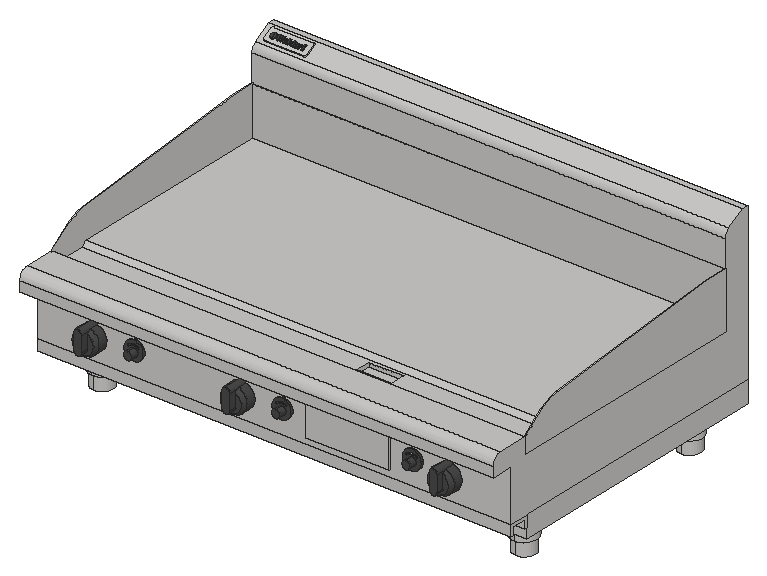
Revit family "QF_MOFFAT WALDORF_GP8120G-B", category Specialty Equipment, Revit 2012
Parameters
  Width [instance] = 47.24409"  # constant formula
  Weight in Pounds = 432.1055  # constant formula
  URL Cutsheet = "www.moffat.com"
  URL = "www.moffat.com"
  Type Mark [instance] = ""
  Status [instance] = ""
  Specification by User [instance] = ""
  Specification by Manufacturer = ""
  Show Logo [instance] = yes
  Serial Number = ""
  Seismic Rating = ""
  SMACNA No = ""
  Revision Code [instance] = ""
  Omniclass Number and Title = ""
  NAFEM Spec ID Number = ""
  Model = "GP8120G-B"
  Mechanical Remarks [instance] = ""
  Mechanical Connection Type [instance] = ""
  Masterspec = ""
  Manufacturer = "MOFFAT WALDORF"
  Item Number [instance] = ""
  Installed By [instance] = ""
  Identify Quantity as Lot [instance] = yes
  Height [instance] = 20.86614"  # constant formula
  Gas Size = 3/4"
  Gas RI Height [instance] = 0"
  Gas KW [instance] = 30
  Gas Input [instance] = 102364.0 Btu/h
  Gas Connection Height = 0"
  Furnished By [instance] = ""
  Foodservice Equipment Identifier [instance] = yes
  Description = "GRIDDLE PLATE GAS BENCH MOUNT"
  Depth [instance] = 31.69291"  # constant formula
  CSI MasterFormat = ""
  CSI Master Format = ""
  Base Height [instance] = 3.14961"
Reference planes (in)
  plane 1 "BACK": y = 0
  plane 2: z = 0
  plane 3 "LEFT": x = 0
  plane 4 "RIGHT": x = 47.24409
  plane 5 "FRONT": y = -31.69291
  plane 6 "TOP": z = 20.86614
  plane 7 "Center Y": x = 23.62205
  plane 8 "Center X": y = -15.84646
  plane 9 "Base Height": z = 3.14961
  plane 10: x = 2.55906
  plane 11: x = 44.64567
Forms (in)
  Extrusion 1, solid, material "QF_Finishes_Stainless Steel"
    sketch origin (0, 0, 0) x (0, 1, 0) y (0, 0, 1)
      loop
        line (-31.69291, 11.45669) -> (-31.69291, 10.47244) -> (-29.48819, 10.47244) -> (-29.48819, 5.31496) -> (0, 5.31496) -> (0, 20.86614) -> (-0.64961, 20.86614) -> (-2.31138, 19.90672)
        arc (-2.31138, 19.90672) -> (-2.63679, 19.5813) -> (-2.75591, 19.13677) r 0.88906
        line (-2.75591, 19.13677) -> (-2.75591, 10.82677) -> (-27.75591, 10.82677) -> (-27.75591, 12.40157) -> (-30.74803, 12.40157)
        arc (-30.74803, 12.40157) -> (-31.41616, 12.12483) -> (-31.69291, 11.45669) r 0.94488
      loop
        line (0, 3.14961) -> (0, 5.28371) -> (-27.51969, 5.28371) -> (-27.51969, 3.14961) -> (0, 3.14961)
      loop
        line (-29.48819, 5.28371) -> (-29.48819, 4.21334) -> (-29.23622, 4.21334) -> (-29.23622, 5.03174) -> (-27.81102, 5.03174) -> (-27.81102, 4.21334) -> (-27.55906, 4.21334) -> (-27.55906, 5.28371) -> (-29.48819, 5.28371)
    from 0 to 47.24409
  Revolve 2, solid, material "QF_Finishes_Stainless Steel"
    sketch origin (44.64567, -8.26772, 0) x (0, 1, 0) y (0, 0, -1)
      loop
        line (3.08071, -3.14961) -> (4.33071, -3.14961) -> (4.33071, 0) -> (3.24803, 0) -> (3.24803, -1.37795) -> (3.08071, -1.37795) -> (3.08071, -3.14961)
      axis (4.33071, -3.14961) -> (4.33071, 0)
    angle from 0 to 360
  Revolve 3, solid, material "QF_Finishes_Stainless Steel"
    sketch origin (2.55906, -8.26772, 0) x (0, 1, 0) y (0, 0, 1)
      loop
        line (3.08071, 3.14961) -> (3.08071, 1.37795) -> (3.24803, 1.37795) -> (3.24803, 0) -> (4.33071, 0) -> (4.33071, 3.14961) -> (3.08071, 3.14961)
      axis (4.33071, 3.14961) -> (4.33071, 0)
    angle from 0 to 360
  Extrusion 4, solid, material "QF_Finishes_Stainless Steel"
    sketch origin (27.75591, 0.11811, -19.68504) x (1, 0, 0) y (0, 1, 0)
      loop
        circle (14.33071, -1.37795) r 0.5315
    from 21.85039 to 22.83465
  Revolve 5, solid, material "QF_Finishes_Black"
    sketch origin (5.90551, 0, -0.00498) x (0, 1, 0) y (0, 0, -1)
      loop
        line (-30.7874, -9.03543) -> (-29.88189, -9.03543) -> (-29.88189, -7.95276) -> (-29.48819, -7.95276) -> (-29.48819, -7.75591) -> (-31.22047, -7.75591) -> (-31.22047, -8.80517) -> (-30.7874, -9.03543)
      axis (-31.22047, -7.75591) -> (-29.48819, -7.75591)
    angle from 0 to 360
  Extrusion 6, solid, material "QF_Finishes_Black"
    sketch origin (11.34919, 0, 0.00123) x (-1, 0, 0) y (0, 0, -1)
      loop
        arc (5.83735, -7.28223) -> (5.44365, -6.88853) -> (5.04995, -7.28223) r 0.3937
        line (5.04995, -7.28223) -> (5.04995, -8.81767)
        arc (5.04995, -8.81767) -> (5.44365, -9.21137) -> (5.83735, -8.81767) r 0.3937
        line (5.83735, -8.81767) -> (5.83735, -7.28223)
    from 29.88189 to 31.81102
  Revolve 7, solid, material "QF_Finishes_Stainless Steel"
    sketch origin (44.64567, -28.93701, 0) x (0, 1, 0) y (0, 0, -1)
      loop
        line (3.08071, -3.14961) -> (4.33071, -3.14961) -> (4.33071, 0) -> (3.24803, 0) -> (3.24803, -1.37795) -> (3.08071, -1.37795) -> (3.08071, -3.14961)
      axis (4.33071, -3.14961) -> (4.33071, 0)
    angle from 0 to 360
  Revolve 8, solid, material "QF_Finishes_Stainless Steel"
    sketch origin (2.55906, -28.93701, 0) x (0, 1, 0) y (0, 0, 1)
      loop
        line (3.08071, 3.14961) -> (3.08071, 1.37795) -> (3.24803, 1.37795) -> (3.24803, 0) -> (4.33071, 0) -> (4.33071, 3.14961) -> (3.08071, 3.14961)
      axis (4.33071, 3.14961) -> (4.33071, 0)
    angle from 0 to 360
  Extrusion 9, solid, material "QF_Finishes_Stainless Steel"
    sketch origin (1.68504, -29.48819, 10.47244) x (0, 0, -1) y (1, 0, 0)
      loop
        line (1.04331, 25.19685) -> (4.4685, 25.19685) -> (4.4685, 33.46457) -> (1.04331, 33.46457) -> (1.04331, 25.19685)
    from 0 to 0.09843
  Extrusion 10, solid, material "QF_Finishes_Stainless Steel"
    sketch origin (1.68504, -29.58661, 10.47244) x (0, 0, -1) y (1, 0, 0)
      loop
        line (1.3189, 33.46457) -> (1.04331, 33.46457) -> (1.04331, 25.19685) -> (1.3189, 25.19685) -> (1.3189, 33.46457)
    from 0 to 0.19685
  Extrusion 11, solid, material "QF_Finishes_Black"
    sketch origin (0, -29.48819, 10.47244) x (0, 0, -1) y (1, 0, 0)
      loop
        circle (2.70669, 9.74409) r 0.94488
      loop
        arc (2.31694, 10.33124) -> (2.00055, 9.749) -> (2.30836, 9.16218) r 0.70345
        arc (2.30836, 9.16218) -> (2.32725, 9.15095) -> (2.34753, 9.15943) r 0.02445
        arc (2.34753, 9.15943) -> (2.40409, 9.26016) -> (2.41764, 9.37489) r 0.29507
        arc (2.41764, 9.37489) -> (2.4096, 9.41142) -> (2.39196, 9.44439) r 0.1367
        arc (2.39196, 9.44439) -> (2.30175, 9.73823) -> (2.38559, 10.03395) r 0.54277
        arc (2.38559, 10.03395) -> (2.41079, 10.08392) -> (2.42122, 10.13891) r 0.20083
        arc (2.42122, 10.13891) -> (2.40663, 10.23806) -> (2.35565, 10.32436) r 0.26029
        arc (2.35565, 10.32436) -> (2.33749, 10.33451) -> (2.31694, 10.33124) r 0.03175
    from 0 to 0.19685
  Extrusion 12, solid, material "QF_Finishes_Black"
    sketch origin (0, -29.68504, 10.47244) x (0, 0, -1) y (1, 0, 0)
      loop
        circle (2.84449, 9.74409) r 0.3937
    from 0 to 0.71853
  Revolve 13, solid, material "QF_Finishes_Black"
    sketch origin (41.33858, 0, -0.00498) x (0, 1, 0) y (0, 0, 1)
      loop
        line (-30.7874, 9.03543) -> (-31.22047, 8.80517) -> (-31.22047, 7.75591) -> (-29.48819, 7.75591) -> (-29.48819, 7.95276) -> (-29.88189, 7.95276) -> (-29.88189, 9.03543) -> (-30.7874, 9.03543)
      axis (-31.22047, 7.75591) -> (-29.48819, 7.75591)
    angle from 0 to 360
  Extrusion 14, solid, material "QF_Finishes_Black"
    sketch origin (35.8949, 0, 0.00123) x (1, 0, 0) y (0, 0, 1)
      loop
        line (5.83735, 7.28223) -> (5.83735, 8.81767)
        arc (5.83735, 8.81767) -> (5.44365, 9.21137) -> (5.04995, 8.81767) r 0.3937
        line (5.04995, 8.81767) -> (5.04995, 7.28223)
        arc (5.04995, 7.28223) -> (5.44365, 6.88853) -> (5.83735, 7.28223) r 0.3937
    from 29.88189 to 31.81102
  Extrusion 15, solid, material "QF_Finishes_Black"
    sketch origin (47.24409, -29.48819, 10.47244) x (0, 0, -1) y (1, 0, 0)
      loop
        circle (2.70669, -9.74409) r 0.94488
      loop
        arc (2.31694, -10.33124) -> (2.33749, -10.33451) -> (2.35565, -10.32436) r 0.03175
        arc (2.35565, -10.32436) -> (2.40663, -10.23806) -> (2.42122, -10.13891) r 0.26029
        arc (2.42122, -10.13891) -> (2.41079, -10.08392) -> (2.38559, -10.03395) r 0.20083
        arc (2.38559, -10.03395) -> (2.30175, -9.73823) -> (2.39196, -9.44439) r 0.54277
        arc (2.39196, -9.44439) -> (2.4096, -9.41142) -> (2.41764, -9.37489) r 0.1367
        arc (2.41764, -9.37489) -> (2.40409, -9.26016) -> (2.34753, -9.15943) r 0.29507
        arc (2.34753, -9.15943) -> (2.32725, -9.15095) -> (2.30836, -9.16218) r 0.02445
        arc (2.30836, -9.16218) -> (2.00055, -9.749) -> (2.31694, -10.33124) r 0.70345
    from 0 to 0.19685
  Extrusion 16, solid, material "QF_Finishes_Black"
    sketch origin (47.24409, -29.68504, 10.47244) x (0, 0, -1) y (1, 0, 0)
      loop
        circle (2.84449, -9.74409) r 0.3937
    from 0 to 0.71853
  Revolve 17, solid, material "QF_Finishes_Black"
    sketch origin (20.66929, 0, -0.00498) x (0, 1, 0) y (0, 0, -1)
      loop
        line (-30.7874, -9.03543) -> (-29.88189, -9.03543) -> (-29.88189, -7.95276) -> (-29.48819, -7.95276) -> (-29.48819, -7.75591) -> (-31.22047, -7.75591) -> (-31.22047, -8.80517) -> (-30.7874, -9.03543)
      axis (-31.22047, -7.75591) -> (-29.48819, -7.75591)
    angle from 0 to 360
  Extrusion 18, solid, material "QF_Finishes_Black"
    sketch origin (26.11297, 0, 0.00123) x (-1, 0, 0) y (0, 0, -1)
      loop
        arc (5.83735, -7.28223) -> (5.44365, -6.88853) -> (5.04995, -7.28223) r 0.3937
        line (5.04995, -7.28223) -> (5.04995, -8.81767)
        arc (5.04995, -8.81767) -> (5.44365, -9.21137) -> (5.83735, -8.81767) r 0.3937
        line (5.83735, -8.81767) -> (5.83735, -7.28223)
    from 29.88189 to 31.81102
  Extrusion 19, solid, material "QF_Finishes_Black"
    sketch origin (14.76378, -29.48819, 10.47244) x (0, 0, -1) y (1, 0, 0)
      loop
        circle (2.70669, 9.74409) r 0.94488
      loop
        arc (2.31694, 10.33124) -> (2.00055, 9.749) -> (2.30836, 9.16218) r 0.70345
        arc (2.30836, 9.16218) -> (2.32725, 9.15095) -> (2.34753, 9.15943) r 0.02445
        arc (2.34753, 9.15943) -> (2.40409, 9.26016) -> (2.41764, 9.37489) r 0.29507
        arc (2.41764, 9.37489) -> (2.4096, 9.41142) -> (2.39196, 9.44439) r 0.1367
        arc (2.39196, 9.44439) -> (2.30175, 9.73823) -> (2.38559, 10.03395) r 0.54277
        arc (2.38559, 10.03395) -> (2.41079, 10.08392) -> (2.42122, 10.13891) r 0.20083
        arc (2.42122, 10.13891) -> (2.40663, 10.23806) -> (2.35565, 10.32436) r 0.26029
        arc (2.35565, 10.32436) -> (2.33749, 10.33451) -> (2.31694, 10.33124) r 0.03175
    from 0 to 0.19685
  Extrusion 20, solid, material "QF_Finishes_Black"
    sketch origin (14.76378, -29.68504, 10.47244) x (0, 0, -1) y (1, 0, 0)
      loop
        circle (2.84449, 9.74409) r 0.3937
    from 0 to 0.71853
Cuts and joins
  joined: Revolve 5, Extrusion 6
  joined: Extrusion 9, Extrusion 10
Lines and regions (in)
  Split face 1
    outline origin (1.93159, -0.77746, 20.79232) x (0, -0.866025, -0.5) y (1, 0, 0)
      loop
        line (0.0562, 4.15354) -> (1.41087, 4.15354) -> (1.41087, 4.94094) -> (0.0562, 4.94094) -> (0.0562, 4.15354)
  Split face 2
    outline origin (3.9001, -0.77746, 20.79232) x (0, -0.866025, -0.5) y (1, 0, 0)
      loop
        line (0.0562, 4.15354) -> (1.41087, 4.15354) -> (1.41087, 4.94094) -> (0.0562, 4.94094) -> (0.0562, 4.15354)
  Split face 3
    outline origin (5.8686, -0.77746, 20.79232) x (0, -0.866025, -0.5) y (1, 0, 0)
      loop
        line (0.0562, 4.15354) -> (1.41087, 4.15354) -> (1.41087, 4.94094) -> (0.0562, 4.94094) -> (0.0562, 4.15354)
  Split face 4
    outline origin (7.83711, -0.77746, 20.79232) x (0, -0.866025, -0.5) y (1, 0, 0)
      loop
        line (0.0562, 4.15354) -> (1.41087, 4.15354) -> (1.41087, 4.94094) -> (0.0562, 4.94094) -> (0.0562, 4.15354)
  Split face 5
    outline origin (9.80561, -0.77746, 20.79232) x (0, -0.866025, -0.5) y (1, 0, 0)
      loop
        line (0.0562, 4.15354) -> (1.41087, 4.15354) -> (1.41087, 4.94094) -> (0.0562, 4.94094) -> (0.0562, 4.15354)
  Split face 6
    outline origin (11.77411, -0.77746, 20.79232) x (0, -0.866025, -0.5) y (1, 0, 0)
      loop
        line (0.0562, 4.15354) -> (1.41087, 4.15354) -> (1.41087, 4.94094) -> (0.0562, 4.94094) -> (0.0562, 4.15354)
  Split face 7
    outline origin (2.03002, -0.77746, 20.79232) x (0, -0.866025, -0.5) y (1, 0, 0)
      loop
        line (0.0562, 15.96457) -> (1.41087, 15.96457) -> (1.41087, 16.75197) -> (0.0562, 16.75197) -> (0.0562, 15.96457)
  Split face 8
    outline origin (3.99852, -0.77746, 20.79232) x (0, -0.866025, -0.5) y (1, 0, 0)
      loop
        line (0.0562, 15.96457) -> (1.41087, 15.96457) -> (1.41087, 16.75197) -> (0.0562, 16.75197) -> (0.0562, 15.96457)
  Split face 9
    outline origin (5.96703, -0.77746, 20.79232) x (0, -0.866025, -0.5) y (1, 0, 0)
      loop
        line (0.0562, 15.96457) -> (1.41087, 15.96457) -> (1.41087, 16.75197) -> (0.0562, 16.75197) -> (0.0562, 15.96457)
  Split face 10
    outline origin (7.93553, -0.77746, 20.79232) x (0, -0.866025, -0.5) y (1, 0, 0)
      loop
        line (0.0562, 15.96457) -> (1.41087, 15.96457) -> (1.41087, 16.75197) -> (0.0562, 16.75197) -> (0.0562, 15.96457)
  Split face 11
    outline origin (9.90404, -0.77746, 20.79232) x (0, -0.866025, -0.5) y (1, 0, 0)
      loop
        line (0.0562, 15.96457) -> (1.41087, 15.96457) -> (1.41087, 16.75197) -> (0.0562, 16.75197) -> (0.0562, 15.96457)
  Split face 12
    outline origin (11.87254, -0.77746, 20.79232) x (0, -0.866025, -0.5) y (1, 0, 0)
      loop
        line (0.0562, 15.96457) -> (1.41087, 15.96457) -> (1.41087, 16.75197) -> (0.0562, 16.75197) -> (0.0562, 15.96457)
  Split face 13
    outline origin (13.84104, -0.77746, 20.79232) x (0, -0.866025, -0.5) y (1, 0, 0)
      loop
        line (0.0562, 15.96457) -> (1.41087, 15.96457) -> (1.41087, 16.75197) -> (0.0562, 16.75197) -> (0.0562, 15.96457)
  Split face 14
    outline origin (15.83899, -0.77746, 20.79232) x (0, -0.866025, -0.5) y (1, 0, 0)
      loop
        line (0.0562, 15.96457) -> (1.41087, 15.96457) -> (1.41087, 16.75197) -> (0.0562, 16.75197) -> (0.0562, 15.96457)
  Split face 15
    outline origin (17.8075, -0.77746, 20.79232) x (0, -0.866025, -0.5) y (1, 0, 0)
      loop
        line (0.0562, 15.96457) -> (1.41087, 15.96457) -> (1.41087, 16.75197) -> (0.0562, 16.75197) -> (0.0562, 15.96457)
  symbolic lines, visible <- "Show Logo"
    curve 1: line (0.49213, -2.04962, 0) -> (0.49213, -0.83067, 0)
    curve 2: line (4.78346, -0.83067, 0) -> (4.78346, -2.04962, 0)
    curve 3: line (0.49213, -0.83067, 0) -> (4.78346, -0.83067, 0)
    curve 4: line (0.49213, -2.04962, 0) -> (4.78346, -2.04962, 0)
  symbolic lines
    curve 5: line (6.08514, -1.99931, 0) -> (6.08514, -0.82613, 0)
    curve 6: line (6.08514, -0.82613, 0) -> (6.87254, -0.82613, 0)
    curve 7: line (6.87254, -0.82613, 0) -> (6.87254, -1.99931, 0)
    curve 8: line (6.87254, -1.99931, 0) -> (6.08514, -1.99931, 0)
    curve 9: line (8.05364, -0.82613, 0) -> (8.05364, -1.99931, 0)
    curve 10: line (8.05364, -1.99931, 0) -> (8.84104, -1.99931, 0)
    curve 11: line (8.84104, -1.99931, 0) -> (8.84104, -0.82613, 0)
    curve 12: line (8.84104, -0.82613, 0) -> (8.05364, -0.82613, 0)
    curve 13: line (10.02215, -0.82613, 0) -> (10.02215, -1.99931, 0)
    curve 14: line (10.02215, -1.99931, 0) -> (10.80955, -1.99931, 0)
    curve 15: line (10.80955, -1.99931, 0) -> (10.80955, -0.82613, 0)
    curve 16: line (10.80955, -0.82613, 0) -> (10.02215, -0.82613, 0)
    curve 17: line (0, -31.69291, 0) -> (47.24409, -31.69291, 0)
    curve 18: line (0, 0, 0) -> (0, -31.69291, 0)
    curve 19: line (47.24409, 0, 0) -> (0, 0, 0)
    curve 20: line (0, -2.75591, 0) -> (47.24409, -2.75591, 0)
    curve 21: line (47.24409, -27.75591, 0) -> (0, -27.75591, 0)
    curve 22: line (11.99065, -0.82613, 0) -> (11.99065, -1.99931, 0)
    curve 23: line (11.99065, -1.99931, 0) -> (12.77805, -1.99931, 0)
    curve 24: line (12.77805, -1.99931, 0) -> (12.77805, -0.82613, 0)
    curve 25: line (12.77805, -0.82613, 0) -> (11.99065, -0.82613, 0)
    curve 26: line (13.95915, -0.82613, 0) -> (13.95915, -1.99931, 0)
    curve 27: line (13.95915, -1.99931, 0) -> (14.74656, -1.99931, 0)
    curve 28: line (14.74656, -1.99931, 0) -> (14.74656, -0.82613, 0)
    curve 29: line (14.74656, -0.82613, 0) -> (13.95915, -0.82613, 0)
    curve 30: line (15.92766, -0.82613, 0) -> (15.92766, -1.99931, 0)
    curve 31: line (15.92766, -1.99931, 0) -> (16.71506, -1.99931, 0)
    curve 32: line (16.71506, -1.99931, 0) -> (16.71506, -0.82613, 0)
    curve 33: line (16.71506, -0.82613, 0) -> (15.92766, -0.82613, 0)
    curve 34: line (17.99459, -0.82613, 0) -> (17.99459, -1.99931, 0)
    curve 35: line (17.99459, -1.99931, 0) -> (18.78199, -1.99931, 0)
    curve 36: line (18.78199, -1.99931, 0) -> (18.78199, -0.82613, 0)
    curve 37: line (18.78199, -0.82613, 0) -> (17.99459, -0.82613, 0)
    curve 38: line (19.96309, -0.82613, 0) -> (19.96309, -1.99931, 0)
    curve 39: line (19.96309, -1.99931, 0) -> (20.75049, -1.99931, 0)
    curve 40: line (20.75049, -1.99931, 0) -> (20.75049, -0.82613, 0)
    curve 41: line (20.75049, -0.82613, 0) -> (19.96309, -0.82613, 0)
    curve 42: line (21.93159, -1.99931, 0) -> (22.719, -1.99931, 0)
    curve 43: line (22.719, -1.99931, 0) -> (22.719, -0.82613, 0)
    curve 44: line (22.719, -0.82613, 0) -> (21.93159, -0.82613, 0)
    curve 45: line (21.93159, -0.82613, 0) -> (21.93159, -1.99931, 0)
    curve 46: line (23.9001, -1.99931, 0) -> (24.6875, -1.99931, 0)
    curve 47: line (24.6875, -1.99931, 0) -> (24.6875, -0.82613, 0)
    curve 48: line (24.6875, -0.82613, 0) -> (23.9001, -0.82613, 0)
    curve 49: line (23.9001, -0.82613, 0) -> (23.9001, -1.99931, 0)
    curve 50: line (26.656, -1.99931, 0) -> (25.8686, -1.99931, 0)
    curve 51: line (25.8686, -1.99931, 0) -> (25.8686, -0.82613, 0)
    curve 52: line (25.8686, -0.82613, 0) -> (26.656, -0.82613, 0)
    curve 53: line (26.656, -0.82613, 0) -> (26.656, -1.99931, 0)
    curve 54: line (27.83711, -1.99931, 0) -> (28.62451, -1.99931, 0)
    curve 55: line (28.62451, -1.99931, 0) -> (28.62451, -0.82613, 0)
    curve 56: line (28.62451, -0.82613, 0) -> (27.83711, -0.82613, 0)
    curve 57: line (27.83711, -0.82613, 0) -> (27.83711, -1.99931, 0)
    curve 58: line (29.80561, -1.99931, 0) -> (30.59301, -1.99931, 0)
    curve 59: line (30.59301, -1.99931, 0) -> (30.59301, -0.82613, 0)
    curve 60: line (30.59301, -0.82613, 0) -> (29.80561, -0.82613, 0)
    curve 61: line (29.80561, -0.82613, 0) -> (29.80561, -1.99931, 0)
    curve 62: line (31.80356, -1.99931, 0) -> (32.59096, -1.99931, 0)
    curve 63: line (32.59096, -1.99931, 0) -> (32.59096, -0.82613, 0)
    curve 64: line (32.59096, -0.82613, 0) -> (31.80356, -0.82613, 0)
    curve 65: line (31.80356, -0.82613, 0) -> (31.80356, -1.99931, 0)
    curve 66: line (33.77207, -1.99931, 0) -> (34.55947, -1.99931, 0)
    curve 67: line (34.55947, -1.99931, 0) -> (34.55947, -0.82613, 0)
    curve 68: line (34.55947, -0.82613, 0) -> (33.77207, -0.82613, 0)
    curve 69: line (33.77207, -0.82613, 0) -> (33.77207, -1.99931, 0)
    curve 70: line (47.24409, -31.69291, 0) -> (47.24409, 0, 0)
Dimensions and locks (in)
  equal spacing: plane 3 "LEFT", plane 7 "Center Y", plane 4 "RIGHT"
  "Width": plane 3 "LEFT" to plane 4 "RIGHT"
  equal spacing: plane 5 "FRONT", plane 8 "Center X", plane 1 "BACK"
  "Depth": plane 5 "FRONT" to plane 1 "BACK"
  "Base Height": plane 9 "Base Height" to level
  locked: plane 6 "TOP" to plane 9 "Base Height" at 17.71654
  level to Extrusion 4 = 2.16535"
  locked: Extrusion 4 to plane 9 "Base Height" at 0.98425
  plane 6 "TOP" to level = 20.86614"
  plane 11 to plane 10 = 42.08661"
  plane 6 "TOP" to nested 2 to nested 2 = 0.04668" locked, 0.67205" locked
  aligned and locked: level to plane 2
  aligned and locked: plane 9 "Base Height" to Extrusion 4
  aligned and locked: Revolve 3 sketch curve to plane 9 "Base Height"
Automatic sketch dimensions
  curve 17 to plane 3 "LEFT" = 0"
  plane 1 "BACK" to curve 19 = 0"
  curve 19 to plane 4 "RIGHT" = 0"
  plane 5 "FRONT" to curve 17 = 0"
  plane 3 "LEFT" to curve 1 = 0.49213"
  plane 10 to curve 4 = 2.22441"
  curve 2 to curve 6 = 1.30167"
  curve 5 to curve 8 = 0.7874"
  curve 6 to curve 12 = 1.1811"
  curve 9 to curve 10 = 0.7874"
  curve 11 to curve 16 = 1.1811"
  curve 13 to curve 15 = 0.7874"
  curve 15 to curve 22 = 1.1811"
  curve 22 to curve 24 = 0.7874"
  curve 23 to curve 26 = 1.1811"
  curve 26 to curve 27 = 0.7874"
  curve 27 to curve 30 = 1.1811"
  curve 30 to curve 32 = 0.7874"
  curve 31 to curve 34 = 1.27953"
  curve 34 to curve 35 = 0.7874"
  curve 36 to curve 38 = 1.1811"
  curve 38 to curve 41 = 0.7874"
  curve 39 to curve 42 = 1.1811"
  curve 44 to curve 43 = 0.7874"
  plane 7 "Center Y" to curve 48 = 0.27805"
  curve 46 to curve 46 = 0.7874"
  curve 47 to curve 52 = 1.1811"
  curve 51 to curve 53 = 0.7874"
  curve 50 to curve 54 = 1.1811"
  curve 56 to curve 56 = 0.7874"
  curve 55 to curve 61 = 1.1811"
  curve 58 to curve 58 = 0.7874"
  curve 58 to curve 62 = 1.21055"
  curve 62 to curve 62 = 0.7874"
  curve 63 to curve 68 = 1.1811"
  curve 66 to curve 66 = 0.7874"
  curve 21 to plane 5 "FRONT" = 3.93701"
  curve 20 to curve 19 = 2.75591"
  plane 1 "BACK" to curve 2 = 2.04962"
  plane 1 "BACK" to curve 7 = 1.99931"
  plane 1 "BACK" to curve 59 = 1.99931"
  curve 7 to curve 9 = 0"
  curve 57 to curve 58 = 0"
  curve 10 to curve 13 = 0"
  curve 53 to curve 54 = 0"
  curve 58 to curve 62 = 0"
  curve 62 to curve 66 = 0"
  curve 49 to curve 50 = 0"
  curve 14 to curve 22 = 0"
  curve 45 to curve 46 = 0"
  curve 23 to curve 26 = 0"
  curve 40 to curve 42 = 0"
  curve 27 to curve 30 = 0"
  curve 36 to curve 38 = 0"
  plane 1 "BACK" to curve 2 = 0.83067"
  plane 1 "BACK" to curve 33 = 0.82613"
  plane 1 "BACK" to curve 40 = 0.82613"
  plane 1 "BACK" to curve 29 = 0.82613"
  plane 1 "BACK" to curve 43 = 0.82613"
  plane 1 "BACK" to curve 25 = 0.82613"
  plane 1 "BACK" to curve 47 = 0.82613"
  plane 1 "BACK" to curve 69 = 0.82613"
  plane 1 "BACK" to curve 52 = 0.82613"
  plane 1 "BACK" to curve 16 = 0.82613"
  plane 1 "BACK" to curve 55 = 0.82613"
  plane 1 "BACK" to curve 12 = 0.82613"
  plane 1 "BACK" to curve 59 = 0.82613"
  plane 1 "BACK" to curve 7 = 0.82613"
  plane 1 "BACK" to curve 63 = 0.82613"
  plane 1 "BACK" to curve 37 = 0.82613"
  Extrusion 1 sketch curve to plane 5 "FRONT" = 0"
  Extrusion 1 sketch curve to plane 9 "Base Height" = 0"
  Extrusion 1 sketch curve to plane 6 "TOP" = 0"
  Extrusion 1 sketch curve to plane 1 "BACK" = 0"  (x2)
  Extrusion 1 sketch curve to plane 5 "FRONT" = 0.94488"
  Extrusion 1 sketch curve to plane 5 "FRONT" = 2.20472"
  Extrusion 1 sketch curve to Extrusion 1 sketch curve = 0"  (x2)
  Extrusion 1 sketch curve to Extrusion 1 sketch curve = 0.25197"  (x3)
  Extrusion 1 sketch curve to Extrusion 1 sketch curve = 1.4252"
  Extrusion 1 sketch curve to Extrusion 1 sketch curve = 1.73228"
  Extrusion 1 sketch curve to Extrusion 1 sketch curve = 0.03937"
  plane 1 "BACK" to Extrusion 1 sketch curve = 2.75591"
  Extrusion 1 sketch curve to plane 6 "TOP" = 0.95942"
  Extrusion 1 sketch curve to Extrusion 1 sketch curve = 0.44453"  (x2)
  Extrusion 1 sketch curve to Extrusion 1 sketch curve = 0.64961"
  plane 9 "Base Height" to Extrusion 1 sketch curve = 1.06373"  (x2)
  Extrusion 1 sketch curve to Extrusion 1 sketch curve = 0.81841"
  Extrusion 1 sketch curve to Extrusion 1 sketch curve = 1/32"
  Extrusion 1 sketch curve to Extrusion 1 sketch curve = 5.15748"
  Extrusion 1 sketch curve to Extrusion 1 sketch curve = 5.51181"
  Extrusion 1 sketch curve to Extrusion 1 sketch curve = 0.98425"
  Revolve 2 sketch curve to plane 9 "Base Height" = 0"
  Revolve 2 sketch curve to level = 0"
  level to Revolve 2 sketch curve = 1.37795"
  plane 1 "BACK" to Revolve 2 sketch curve = 5.18701"
  Revolve 2 sketch curve to Revolve 2 sketch curve = 0.16732"
  Revolve 2 sketch curve to Revolve 2 sketch curve = 1.08268"
  Revolve 2 sketch curve to Revolve 2 sketch curve = 0"
  Revolve 2 sketch curve to Revolve 2 sketch curve = 1.1811"
  Revolve 2 sketch curve to Revolve 2 sketch curve = 2.16535"
  Revolve 3 sketch curve to level = 0"
  level to Revolve 3 sketch curve = 1.37795"
  plane 1 "BACK" to Revolve 3 sketch curve = 5.18701"
  Revolve 3 sketch curve to Revolve 3 sketch curve = 0.16732"
  Revolve 3 sketch curve to Revolve 3 sketch curve = 1.08268"
  Revolve 3 sketch curve to Revolve 3 sketch curve = 0"
  Revolve 3 sketch curve to Revolve 3 sketch curve = 2.16535"
  Revolve 3 sketch curve to Revolve 3 sketch curve = 1.1811"
  plane 1 "BACK" to Extrusion 4 sketch curve = 1.25984"
  plane 11 to Extrusion 4 sketch curve = 2.55906"
  Revolve 5 sketch curve to plane 5 "FRONT" = 0.47244"
  Revolve 5 sketch curve to Revolve 5 sketch curve = 0"  (x2)
  Revolve 5 sketch curve to Revolve 5 sketch curve = 0.43307"
  Revolve 5 sketch curve to Revolve 5 sketch curve = 1/2"
  Revolve 5 sketch curve to Revolve 5 sketch curve = 0.90551"
  Revolve 5 sketch curve to Revolve 5 sketch curve = 0.3937"
  plane 9 "Base Height" to Revolve 5 sketch curve = 5.88084"
  Revolve 5 sketch curve to Revolve 5 sketch curve = 0.23027"
  Revolve 5 sketch curve to Revolve 5 sketch curve = 1.08268"
  Revolve 5 sketch curve to Revolve 5 sketch curve = 0.19685"
  plane 10 to Extrusion 6 sketch curve = 3.74019"
  Extrusion 6 sketch curve to Extrusion 6 sketch curve = 0.3937"
  plane 9 "Base Height" to Extrusion 6 sketch curve = 5.66929"
  Extrusion 6 sketch curve to Extrusion 6 sketch curve = 1.53543"
  Extrusion 1 to Split face 1 sketch curve = 0.20384"
  Split face 1 sketch curve to Extrusion 1 = 0.36034"
  Split face 1 sketch curve to Extrusion 1 = 6.08514"
  Split face 1 sketch curve to Split face 1 sketch curve = 0.7874"
  Revolve 7 sketch curve to plane 9 "Base Height" = 0"
  Revolve 7 sketch curve to level = 0"
  level to Revolve 7 sketch curve = 1.37795"
  Revolve 7 sketch curve to plane 5 "FRONT" = 5.83661"
  Revolve 7 sketch curve to Revolve 7 sketch curve = 0.16732"
  Revolve 7 sketch curve to Revolve 7 sketch curve = 1.08268"
  Revolve 7 sketch curve to Revolve 7 sketch curve = 0"
  Revolve 7 sketch curve to Revolve 7 sketch curve = 1.1811"
  Revolve 7 sketch curve to Revolve 7 sketch curve = 2.16535"
  Revolve 8 sketch curve to plane 9 "Base Height" = 0"
  Revolve 8 sketch curve to level = 0"
  level to Revolve 8 sketch curve = 1.37795"
  Revolve 8 sketch curve to plane 5 "FRONT" = 5.83661"
  Revolve 8 sketch curve to Revolve 8 sketch curve = 0.16732"
  Revolve 8 sketch curve to Revolve 8 sketch curve = 1.08268"
  Revolve 8 sketch curve to Revolve 8 sketch curve = 0"
  Revolve 8 sketch curve to Revolve 8 sketch curve = 2.16535"
  Revolve 8 sketch curve to Revolve 8 sketch curve = 1.1811"
  Extrusion 1 to Split face 2 sketch curve = 0.20384"
  Split face 2 sketch curve to Extrusion 1 = 0.36034"
  Split face 2 sketch curve to Extrusion 1 = 8.05364"
  Split face 2 sketch curve to Split face 2 sketch curve = 0.7874"
  Extrusion 1 to Split face 3 sketch curve = 0.20384"
  Split face 3 sketch curve to Extrusion 1 = 0.36034"
  Split face 3 sketch curve to Extrusion 1 = 10.02215"
  Split face 3 sketch curve to Split face 3 sketch curve = 0.7874"
  Extrusion 1 to Extrusion 9 sketch curve = 1.04331"
  Extrusion 9 sketch curve to Extrusion 1 = 0.68898"
  Extrusion 1 to Extrusion 9 sketch curve = 20.3622"
  Extrusion 9 sketch curve to Extrusion 9 sketch curve = 8.26772"
  Extrusion 10 sketch curve to Extrusion 9 = 0"  (x2)
  Extrusion 9 to Extrusion 10 sketch curve = 0"
  Extrusion 10 sketch curve to Extrusion 9 = 0.27559"
  Extrusion 1 to Extrusion 11 sketch curve = 2.1235"
  Extrusion 11 sketch curve to Extrusion 11 sketch curve = 0.03772"
  Extrusion 11 sketch curve to Extrusion 11 sketch curve = 0.0594"
  Extrusion 11 sketch curve to Extrusion 11 sketch curve = 0.15788"
  Extrusion 11 sketch curve to Extrusion 11 sketch curve = 0.02698"
  Extrusion 11 sketch curve to Extrusion 11 sketch curve = 0.09632"
  Extrusion 11 sketch curve to Extrusion 11 sketch curve = 0.02061"
  Extrusion 11 sketch curve to Extrusion 11 sketch curve = 0.015"
  Extrusion 11 sketch curve to Extrusion 11 sketch curve = 0.01857"
  Extrusion 11 sketch curve to Extrusion 11 sketch curve = 0"  (x5)
  Extrusion 11 sketch curve to Extrusion 11 sketch curve = 0.02372"
  Extrusion 11 sketch curve to Extrusion 11 sketch curve = 0.16497"
  Extrusion 11 sketch curve to Extrusion 11 sketch curve = 0.11058"
  Extrusion 11 sketch curve to Extrusion 11 sketch curve = 0.02568"
  Extrusion 11 sketch curve to Extrusion 11 sketch curve = 0.03563"
  Extrusion 11 sketch curve to Extrusion 11 sketch curve = 0.31839"
  Extrusion 11 sketch curve to Extrusion 11 sketch curve = 0.00271"
  Extrusion 11 sketch curve to Extrusion 11 sketch curve = 0.1378"
  Extrusion 1 to Extrusion 11 sketch curve = 9.15943"
  Extrusion 11 sketch curve to Extrusion 11 sketch curve = 0.00276"
  Extrusion 11 sketch curve to Extrusion 11 sketch curve = 0.29944"
  Extrusion 11 sketch curve to Extrusion 11 sketch curve = 0.00026"
  Extrusion 1 to Split face 4 sketch curve = 0.20384"
  Split face 4 sketch curve to Extrusion 1 = 0.36034"
  Split face 4 sketch curve to Extrusion 1 = 11.99065"
  Split face 4 sketch curve to Split face 4 sketch curve = 0.7874"
  Extrusion 1 to Split face 5 sketch curve = 0.20384"
  Split face 5 sketch curve to Extrusion 1 = 0.36034"
  Split face 5 sketch curve to Extrusion 1 = 13.95915"
  Split face 5 sketch curve to Split face 5 sketch curve = 0.7874"
  Extrusion 1 to Split face 6 sketch curve = 0.20384"
  Split face 6 sketch curve to Extrusion 1 = 0.36034"
  Split face 6 sketch curve to Extrusion 1 = 15.92766"
  Split face 6 sketch curve to Split face 6 sketch curve = 0.7874"
  Extrusion 1 to Split face 7 sketch curve = 0.20384"
  Split face 7 sketch curve to Extrusion 1 = 0.36034"
  Split face 7 sketch curve to Extrusion 1 = 17.99459"
  Split face 7 sketch curve to Split face 7 sketch curve = 0.7874"
  Extrusion 1 to Split face 8 sketch curve = 0.20384"
  Split face 8 sketch curve to Extrusion 1 = 0.36034"
  Split face 8 sketch curve to Extrusion 1 = 19.96309"
  Split face 8 sketch curve to Split face 8 sketch curve = 0.7874"
  Extrusion 1 to Split face 9 sketch curve = 0.20384"
  Split face 9 sketch curve to Extrusion 1 = 0.36034"
  Split face 9 sketch curve to Extrusion 1 = 21.93159"
  Split face 9 sketch curve to Split face 9 sketch curve = 0.7874"
  Extrusion 1 to Split face 10 sketch curve = 0.20384"
  Split face 10 sketch curve to Extrusion 1 = 0.36034"
  Split face 10 sketch curve to Extrusion 1 = 23.344"
  Split face 10 sketch curve to Split face 10 sketch curve = 0.7874"
  Extrusion 1 to Split face 11 sketch curve = 0.20384"
  Split face 11 sketch curve to Extrusion 1 = 0.36034"
  Split face 11 sketch curve to Extrusion 1 = 21.37549"
  Split face 11 sketch curve to Split face 11 sketch curve = 0.7874"
  Revolve 13 sketch curve to plane 5 "FRONT" = 0.47244"
  Revolve 13 sketch curve to Revolve 13 sketch curve = 0"  (x2)
  Revolve 13 sketch curve to Revolve 13 sketch curve = 0.43307"
  Revolve 13 sketch curve to Revolve 13 sketch curve = 1/2"
  Revolve 13 sketch curve to Revolve 13 sketch curve = 0.90551"
  Revolve 13 sketch curve to Revolve 13 sketch curve = 0.3937"
  plane 9 "Base Height" to Revolve 13 sketch curve = 4.60132"
  Revolve 13 sketch curve to Revolve 13 sketch curve = 0.19685"
  Revolve 13 sketch curve to Revolve 13 sketch curve = 1.04926"
  Revolve 13 sketch curve to Revolve 13 sketch curve = 0.23027"
  plane 11 to Extrusion 14 sketch curve = 3.70082"
  Extrusion 14 sketch curve to Extrusion 14 sketch curve = 0.3937"
  plane 9 "Base Height" to Extrusion 14 sketch curve = 4.13386"
  Extrusion 14 sketch curve to Extrusion 14 sketch curve = 1.53543"
  Extrusion 1 to Extrusion 15 sketch curve = 2.1235"
  Extrusion 15 sketch curve to Extrusion 15 sketch curve = 0.03772"
  Extrusion 15 sketch curve to Extrusion 15 sketch curve = 0.0594"
  Extrusion 15 sketch curve to Extrusion 15 sketch curve = 0.15788"
  Extrusion 15 sketch curve to Extrusion 15 sketch curve = 0.02698"
  Extrusion 15 sketch curve to Extrusion 15 sketch curve = 0.09632"
  Extrusion 15 sketch curve to Extrusion 15 sketch curve = 0.02061"
  Extrusion 15 sketch curve to Extrusion 15 sketch curve = 0.015"
  Extrusion 15 sketch curve to Extrusion 15 sketch curve = 0.01857"
  Extrusion 15 sketch curve to Extrusion 15 sketch curve = 0"  (x5)
  Extrusion 15 sketch curve to Extrusion 15 sketch curve = 0.02372"
  Extrusion 15 sketch curve to Extrusion 15 sketch curve = 0.16497"
  Extrusion 15 sketch curve to Extrusion 15 sketch curve = 0.11058"
  Extrusion 15 sketch curve to Extrusion 15 sketch curve = 0.02568"
  Extrusion 15 sketch curve to Extrusion 15 sketch curve = 0.03563"
  Extrusion 15 sketch curve to Extrusion 15 sketch curve = 0.31839"
  Extrusion 15 sketch curve to Extrusion 15 sketch curve = 0.00271"
  Extrusion 15 sketch curve to Extrusion 15 sketch curve = 0.1378"
  Extrusion 1 to Extrusion 15 sketch curve = 10.33124"
  Extrusion 15 sketch curve to Extrusion 15 sketch curve = 0.00688"
  Extrusion 15 sketch curve to Extrusion 15 sketch curve = 0.28986"
  Extrusion 15 sketch curve to Extrusion 15 sketch curve = 0.00026"
  Revolve 17 sketch curve to plane 5 "FRONT" = 0.47244"
  Revolve 17 sketch curve to Revolve 17 sketch curve = 0"  (x2)
  Revolve 17 sketch curve to Revolve 17 sketch curve = 0.43307"
  Revolve 17 sketch curve to Revolve 17 sketch curve = 1/2"
  Revolve 17 sketch curve to Revolve 17 sketch curve = 0.90551"
  Revolve 17 sketch curve to Revolve 17 sketch curve = 0.3937"
  plane 9 "Base Height" to Revolve 17 sketch curve = 5.88084"
  Revolve 17 sketch curve to Revolve 17 sketch curve = 0.23027"
  Revolve 17 sketch curve to Revolve 17 sketch curve = 1.08268"
  Revolve 17 sketch curve to Revolve 17 sketch curve = 0.19685"
  Extrusion 18 sketch curve to plane 7 "Center Y" = 2.55903"
  Extrusion 18 sketch curve to Extrusion 18 sketch curve = 0.3937"
  plane 9 "Base Height" to Extrusion 18 sketch curve = 5.66929"
  Extrusion 18 sketch curve to Extrusion 18 sketch curve = 1.53543"
  Extrusion 1 to Extrusion 19 sketch curve = 2.1235"
  Extrusion 19 sketch curve to Extrusion 19 sketch curve = 0.03772"
  Extrusion 19 sketch curve to Extrusion 19 sketch curve = 0.0594"
  Extrusion 19 sketch curve to Extrusion 19 sketch curve = 0.15788"
  Extrusion 19 sketch curve to Extrusion 19 sketch curve = 0.02698"
  Extrusion 19 sketch curve to Extrusion 19 sketch curve = 0.09632"
  Extrusion 19 sketch curve to Extrusion 19 sketch curve = 0.02061"
  Extrusion 19 sketch curve to Extrusion 19 sketch curve = 0.015"
  Extrusion 19 sketch curve to Extrusion 19 sketch curve = 0.01857"
  Extrusion 19 sketch curve to Extrusion 19 sketch curve = 0"  (x5)
  Extrusion 19 sketch curve to Extrusion 19 sketch curve = 0.02372"
  Extrusion 19 sketch curve to Extrusion 19 sketch curve = 0.16497"
  Extrusion 19 sketch curve to Extrusion 19 sketch curve = 0.11058"
  Extrusion 19 sketch curve to Extrusion 19 sketch curve = 0.02568"
  Extrusion 19 sketch curve to Extrusion 19 sketch curve = 0.03563"
  Extrusion 19 sketch curve to Extrusion 19 sketch curve = 0.31839"
  Extrusion 19 sketch curve to Extrusion 19 sketch curve = 0.00271"
  Extrusion 19 sketch curve to Extrusion 19 sketch curve = 0.1378"
  Extrusion 1 to Extrusion 19 sketch curve = 23.32089"
  Extrusion 19 sketch curve to Extrusion 19 sketch curve = 0.00276"
  Extrusion 19 sketch curve to Extrusion 19 sketch curve = 0.29944"
  Extrusion 19 sketch curve to Extrusion 19 sketch curve = 0.00026"
  Extrusion 1 to Split face 12 sketch curve = 0.20384"
  Split face 12 sketch curve to Extrusion 1 = 0.36034"
  Split face 12 sketch curve to Extrusion 1 = 19.40699"
  Split face 12 sketch curve to Split face 12 sketch curve = 0.7874"
  Extrusion 1 to Split face 13 sketch curve = 0.20384"
  Split face 13 sketch curve to Extrusion 1 = 0.36034"
  Split face 13 sketch curve to Extrusion 1 = 17.43848"
  Split face 13 sketch curve to Split face 13 sketch curve = 0.7874"
  Extrusion 1 to Split face 14 sketch curve = 0.20384"
  Split face 14 sketch curve to Extrusion 1 = 0.36034"
  Split face 14 sketch curve to Extrusion 1 = 15.44053"
  Split face 14 sketch curve to Split face 14 sketch curve = 0.7874"
  Extrusion 1 to Split face 15 sketch curve = 0.20384"
  Split face 15 sketch curve to Extrusion 1 = 0.36034"
  Split face 15 sketch curve to Extrusion 1 = 13.47203"
  Split face 15 sketch curve to Split face 15 sketch curve = 0.7874"
  radius of Extrusion 4 sketch curve = 0.5315"
  radius of Extrusion 11 sketch curve = 0.94488"
  radius of Extrusion 12 sketch curve to Extrusion 11 = 0.14907"
  radius of Extrusion 15 sketch curve = 0.94488"
  radius of Extrusion 16 sketch curve to Extrusion 15 = 0.14907"
  radius of Extrusion 19 sketch curve = 0.94488"
  radius of Extrusion 20 sketch curve to Extrusion 19 = 0.14907"
Nested families (in)
  nested 1: "GAS GRIDDLE PLATE" at (0, -2.75591, 10.82677), type "GAS GRIDDLE PLATE"
    with Type Mark "", Status "", Specification by User "", Show Clearance yes, Revision Code "", Number of Poles 1, Mechanical Remarks "", Mechanical Connection Type "", Item Number "", Installed By "", Identify Quantity as Lot yes, Gas RI Height 0", Gas KW 0, Gas Input 0.0 Btu/h, Furnished By "", Foodservice Equipment Identifier yes, Electrical Remarks "", Electric Connection Type "", Elec Conn RI Height 0", Elec Conn Connection Height 0"
  nested 2: "WALDORF LOGO_FACE BASE" at (0.49213, -0.85568, 20.74717) x (1, 0, 0) z (0, -0.5, 0.866), visible <- "Show Logo", type "WALDORF LOGO_FACE BASE", detail levels medium+fine
    with Show Logo yes
Connectors (in)
  piping at (42.08661, -1.25984, 2.16535)
    settings: on Extrusion 4, index 2, connector radius 3/8", flow factor 0, pipe flow 0 GPM, pressure drop 0.00 psi, fitting loss kfactor 0, connector angle 0.00°, fixture units 0, engagement length 0", flow configuration 1, flow direction 1, fitting loss method 0, system type 7, joint type 0, gender type 0, connector reference index -1, connector utility 0, adjustable connector no, is connector primary yes, fitting loss table "", connector description "GAS CONNECTION"
Definition of nested family "GAS GRIDDLE PLATE"
  Parameters (values of type "GAS GRIDDLE PLATE")
    Weight in Pounds = 0
    Watts = 0 W
    Volts = 0 V
    URL Cutsheet = ""
    Type Mark [instance] = ""
    Status [instance] = ""
    Specification by User [instance] = ""
    Specification by Manufacturer = ""
    Show Clearance [instance] = yes
    Serial Number = ""
    Seismic Rating = ""
    SMACNA No = ""
    Revision Code [instance] = ""
    Phase = 1
    Omniclass Number and Title = ""
    Number of Poles [instance] = 1
    NAFEM Spec ID Number = ""
    Min Ckt Ampacity = 0 A
    Mechanical Remarks [instance] = ""
    Mechanical Connection Type [instance] = ""
    Max Overcurrent Protection = 0 A
    Masterspec = ""
    Item Number [instance] = ""
    Installed By [instance] = ""
    Identify Quantity as Lot [instance] = yes
    HP = ""
    Gas Size = 0"
    Gas RI Height [instance] = 0"
    Gas KW [instance] = 0
    Gas Input [instance] = 0.0 Btu/h
    Gas Connection Height = 0"
    Furnished By [instance] = ""
    Foodservice Equipment Identifier [instance] = yes
    FL Amps = 0 A
    Electrical Remarks [instance] = ""
    Electric Connection Type [instance] = ""
    Elec Conn RI Height [instance] = 0"
    Elec Conn Connection Height [instance] = 0"
    Cycle = 0 Hz
    Conn Plug = ""
    Conn Conduit = yes
    CSI MasterFormat = ""
    CSI Master Format = ""
    Apparent Power = if(Phase = 3, Volts * FL Amps * 1.73, Volts * FL Amps)  # 0 VA
  Reference planes (in)
    plane 1 "BACK": y = 0
    plane 2: z = 0
    plane 3 "LEFT": x = 0
    plane 4 "RIGHT": x = 47.24409
    plane 5 "FRONT": y = -24.97638
    plane 6 "TOP": z = 5.61024
    plane 7 "Center Y": x = 23.62205
    plane 8 "Center X": y = -12.48819
  Forms (in)
    Extrusion 1, solid, material "QF_Finishes_Stainless Steel"
      sketch origin (0, 2.75602, -34.44882) x (0, 1, 0) y (0, 0, 1)
        loop
          line (-2.75591, 34.44882) -> (-2.75591, 40.05906) -> (-4.99794, 40.05906) -> (-23.79656, 38.24895)
          arc (-23.79656, 38.24895) -> (-24.78188, 38.02374) -> (-25.67739, 37.55508) r 3.93701
          line (-25.67739, 37.55508) -> (-27.7324, 36.11615) -> (-27.7324, 34.44882) -> (-2.75591, 34.44882)
      from 0 to 0.07087
    Extrusion 2, solid, material "QF_Finishes_Stainless Steel"
      sketch origin (5.90551, 2.75602, -34.44882) x (0, 1, 0) y (0, 0, 1)
        loop
          line (-2.75591, 35.23622) -> (-23.66142, 35.23622) -> (-24.0748, 34.82283) -> (-27.7324, 34.82283) -> (-27.7324, 34.44882) -> (-2.75591, 34.44882) -> (-2.75591, 35.23622)
      from -5.83465 to 41.26772
    Extrusion 3, void
      sketch origin (17.71654, -21.31878, 0.37402) x (0, -1, 0) y (1, 0, 0)
        loop
          line (0.3937, 14.8189) -> (0.3937, 11.33465) -> (1.90945, 11.33465) -> (1.90945, 14.8189) -> (0.3937, 14.8189)
      from -1.62994 to 1.5804
    Extrusion 4, solid, material "QF_Finishes_Stainless Steel"
      sketch origin (5.90551, 0.00012, 8.31) x (0, 0, -1) y (1, 0, 0)
        loop
          line (2.69976, -5.83465) -> (7.5226, -5.83465) -> (7.5226, 41.26772) -> (2.69976, 41.26772) -> (2.69976, -5.83465)
      from 0 to 0.06626
    Extrusion 5, solid, material "QF_Finishes_Stainless Steel"
      sketch origin (47.24409, 2.75602, -34.44882) x (0, 1, 0) y (0, 0, -1)
        loop
          line (-2.75591, -34.44882) -> (-27.7324, -34.44882) -> (-27.7324, -36.11615) -> (-25.67739, -37.55508)
          arc (-25.67739, -37.55508) -> (-24.78188, -38.02374) -> (-23.79656, -38.24895) r 3.93701
          line (-23.79656, -38.24895) -> (-4.99794, -40.05906) -> (-2.75591, -40.05906) -> (-2.75591, -34.44882)
      from 0 to 0.07087
  Cuts and joins
    Extrusion 3 cuts Extrusion 2
  Lines and regions (in)
    symbolic lines
      curve 1: line (47.19685, -20.90539, 0) -> (0.07087, -20.90539, 0)
      curve 2: line (0.07087, -21.31878, 0) -> (47.19685, -21.31878, 0)
      curve 3: line (29.05118, -21.71248, 0) -> (29.05118, -23.22823, 0)
      curve 4: line (29.05118, -23.22823, 0) -> (32.53543, -23.22823, 0)
      curve 5: line (32.53543, -23.22823, 0) -> (32.53543, -21.71248, 0)
      curve 6: line (32.53543, -21.71248, 0) -> (29.05118, -21.71248, 0)
      curve 7: line (0.07087, -0.06614, 0) -> (47.19685, -0.06614, 0)
      curve 8: line (47.19685, -0.06614, 0) -> (47.19685, -24.97638, 0)
      curve 9: line (0.07087, -24.97638, 0) -> (0.07087, -0.06614, 0)
      curve 10: line (0.07087, -24.97638, 0) -> (47.19685, -24.97638, 0)
  Dimensions and locks (in)
    equal spacing: plane 3 "LEFT", plane 7 "Center Y", plane 4 "RIGHT"
    plane 3 "LEFT" to plane 4 "RIGHT" = 47.24409"
    equal spacing: plane 5 "FRONT", plane 8 "Center X", plane 1 "BACK"
    plane 5 "FRONT" to plane 1 "BACK" = 24.97638"
    aligned and locked: level to plane 2
  Automatic sketch dimensions
    plane 5 "FRONT" to curve 10 = 0"
    plane 3 "LEFT" to curve 10 = 0.07087"
    curve 4 to plane 5 "FRONT" = 1.74815"
    plane 4 "RIGHT" to curve 8 = 0.04724"
    curve 3 to curve 3 = 1.51575"
    curve 2 to plane 5 "FRONT" = 3.6576"
    curve 2 to curve 1 = 0.41339"
    plane 1 "BACK" to curve 9 = 0.06614"
    Extrusion 1 sketch curve to level = 0"
    Extrusion 1 sketch curve to plane 5 "FRONT" = 0"
    Extrusion 1 sketch curve to plane 6 "TOP" = 0"
    Extrusion 1 sketch curve to plane 5 "FRONT" = 2.05501"
    Extrusion 1 sketch curve to Extrusion 1 sketch curve = 1.88083"
    Extrusion 1 sketch curve to level = 0.11875"
    Extrusion 1 sketch curve to Extrusion 1 sketch curve = 0.37735"
    plane 1 "BACK" to Extrusion 1 sketch curve = 2.24191"
    Extrusion 1 sketch curve to plane 1 "BACK" = 0.00012"
    level to Extrusion 1 sketch curve = 1.66733"
    Extrusion 1 sketch curve to plane 6 "TOP" = 2.50398"
    Extrusion 2 sketch curve to level = 0"
    Extrusion 2 sketch curve to plane 5 "FRONT" = 0"
    level to Extrusion 2 sketch curve = 0.37402"
    Extrusion 2 sketch curve to Extrusion 2 sketch curve = 3.6576"
    Extrusion 2 sketch curve to Extrusion 2 sketch curve = 0.41339"  (x2)
    Extrusion 2 sketch curve to plane 1 "BACK" = 0.00012"
    Extrusion 2 to Extrusion 3 sketch curve = 0.3937"
    Extrusion 3 sketch curve to Extrusion 3 sketch curve = 1.51575"
    Extrusion 2 to Extrusion 3 sketch curve = 28.98031"
    Extrusion 3 sketch curve to Extrusion 3 sketch curve = 3.48425"
    Extrusion 4 sketch curve to plane 6 "TOP" = 0"
    level to Extrusion 4 sketch curve = 0.7874"
    plane 3 "LEFT" to Extrusion 4 sketch curve = 0.07087"
    plane 4 "RIGHT" to Extrusion 4 sketch curve = 0.07087"
    Extrusion 5 sketch curve to level = 0"
    Extrusion 5 sketch curve to plane 5 "FRONT" = 0"
    Extrusion 5 sketch curve to plane 6 "TOP" = 0"
    Extrusion 5 sketch curve to plane 5 "FRONT" = 2.05501"
    Extrusion 5 sketch curve to Extrusion 5 sketch curve = 1.88083"
    Extrusion 5 sketch curve to level = 0.11875"
    Extrusion 5 sketch curve to Extrusion 5 sketch curve = 2.25817"
    plane 1 "BACK" to Extrusion 5 sketch curve = 2.24191"
    Extrusion 5 sketch curve to plane 1 "BACK" = 0.00012"
    Extrusion 5 sketch curve to plane 6 "TOP" = 1.8101"
    level to Extrusion 5 sketch curve = 1.66733"
    curve 3 to curve 5 = 3.48425"
    plane 7 "Center Y" to curve 4 = 5.42913"
Definition of nested family "WALDORF LOGO_FACE BASE"
  Parameters (values of type "WALDORF LOGO_FACE BASE")
    Show Logo [instance] = yes
    Default Elevation = 48"
  Reference planes (in)
    plane 1 "Center (Front/Back)": y = 0
    plane 2: z = 0
    plane 3 "Center (Left/Right)": x = 0
  Forms (in)
    Extrusion 1, solid
      sketch origin (0, 0, 0) x (1, 0, 0) y (0, 1, 0)
        loop
          line (-48, 48) -> (-48, -48) -> (48, -48) -> (48, 48) -> (-48, 48)
      from 0 to -12
    Extrusion 2, solid, material "QF_Finishes_Stainless Steel", visible <- "Show Logo"
      sketch origin (0, -1.30776, 0) x (1, 0, 0) y (0, 1, 0)
        loop
          arc (0.19685, 1.34409) -> (0.05766, 1.28644) -> (0, 1.14724) r 0.19685
          line (0, 1.14724) -> (0, 0.19685)
          arc (0, 0.19685) -> (0.05766, 0.05766) -> (0.19685, 0) r 0.19685
          line (0.19685, 0) -> (4.09449, 0)
          arc (4.09449, 0) -> (4.23368, 0.05766) -> (4.29134, 0.19685) r 0.19685
          line (4.29134, 0.19685) -> (4.29134, 1.14724)
          arc (4.29134, 1.14724) -> (4.23368, 1.28644) -> (4.09449, 1.34409) r 0.19685
          line (4.09449, 1.34409) -> (0.19685, 1.34409)
      from 0 to 0.0625
    Extrusion 3, solid, material "QF_Finishes_Black", visible <- "Show Logo"
      sketch origin (0, -1.30776, 0.0625) x (1, 0, 0) y (0, 1, 0)
        loop
          line (0.97529, 0.91394) -> (1.10205, 0.40555) -> (1.24216, 0.40555) -> (1.31667, 0.68363) -> (1.38601, 0.40555) -> (1.54851, 0.40555) -> (1.65657, 0.91394) -> (1.50992, 0.91394) -> (1.44394, 0.60355) -> (1.37797, 0.91394) -> (1.25007, 0.91394) -> (1.18409, 0.60355) -> (1.11812, 0.91394) -> (0.97529, 0.91394)
        loop
          line (1.66424, 0.67145) -> (1.79935, 0.67145)
          spline (1.79935, 0.67145) -> (1.80084, 0.68049) -> (1.8052, 0.68892) -> (1.81214, 0.69616) -> (1.82119, 0.70171) -> (1.83172, 0.7052) -> (1.84303, 0.70639) -> (1.85433, 0.7052) -> (1.86487, 0.70171) -> (1.87391, 0.69616) -> (1.88085, 0.68892) -> (1.88522, 0.68049) -> (1.8867, 0.67145)
          line (1.8867, 0.67145) -> (1.8867, 0.63866)
          arc (1.8867, 0.63866) -> (1.80086, 0.63047) -> (1.71911, 0.60304) r 0.3781
          arc (1.71911, 0.60304) -> (1.65056, 0.50429) -> (1.71911, 0.40555) r 0.1054
          arc (1.71911, 0.40555) -> (1.79242, 0.4076) -> (1.86346, 0.42583) r 0.32932
          line (1.86346, 0.42583) -> (1.8934, 0.4372) -> (1.8934, 0.40555) -> (2.04004, 0.40555) -> (2.04004, 0.67145)
          spline (2.04004, 0.67145) -> (2.03364, 0.70162) -> (2.01487, 0.72973) -> (1.98501, 0.75387) -> (1.94609, 0.77239) -> (1.90077, 0.78403) -> (1.85214, 0.788) -> (1.80351, 0.78403) -> (1.75819, 0.77239) -> (1.71928, 0.75387) -> (1.68942, 0.72973) -> (1.67064, 0.70162) -> (1.66424, 0.67145)
        loop
          line (2.09256, 0.91394) -> (2.09256, 0.40555) -> (2.25865, 0.40555) -> (2.25865, 0.91394) -> (2.09256, 0.91394)
        loop
          line (2.55408, 0.91394) -> (2.55408, 0.7424)
          arc (2.55408, 0.7424) -> (2.28672, 0.59489) -> (2.55408, 0.44737) r 0.17438
          line (2.55408, 0.44737) -> (2.55408, 0.40555) -> (2.69204, 0.40555) -> (2.69204, 0.91394) -> (2.55408, 0.91394)
        loop
          arc (2.55408, 0.6332) -> (2.41772, 0.59004) -> (2.55408, 0.54689) r 0.07501
          line (2.55408, 0.54689) -> (2.55408, 0.6332)
        loop
          circle (2.93792, 0.59932) r 0.19685
        loop
          spline (2.93792, 0.70298) -> (2.92737, 0.69944) -> (2.91754, 0.68909) -> (2.90909, 0.67262) -> (2.90261, 0.65115) -> (2.89854, 0.62615) -> (2.89715, 0.59932) -> (2.89854, 0.57249) -> (2.90261, 0.54749) -> (2.90909, 0.52602) -> (2.91754, 0.50954) -> (2.92737, 0.49919) -> (2.93792, 0.49566)
          spline (2.93792, 0.49566) -> (2.94847, 0.49919) -> (2.9583, 0.50954) -> (2.96674, 0.52602) -> (2.97322, 0.54749) -> (2.97729, 0.57249) -> (2.97868, 0.59932) -> (2.97729, 0.62615) -> (2.97322, 0.65115) -> (2.96674, 0.67262) -> (2.9583, 0.68909) -> (2.94847, 0.69944) -> (2.93792, 0.70298)
        loop
          line (3.19903, 0.78003) -> (3.19903, 0.40555) -> (3.33994, 0.40555) -> (3.33994, 0.55809)
          arc (3.33994, 0.55809) -> (3.38007, 0.63357) -> (3.46509, 0.64251) r 0.09104
          line (3.46509, 0.64251) -> (3.46509, 0.78003) -> (3.43153, 0.78003)
          arc (3.43153, 0.78003) -> (3.36715, 0.75849) -> (3.3287, 0.70254) r 0.10698
          line (3.3287, 0.70254) -> (3.3287, 0.78003) -> (3.19903, 0.78003)
        loop
          line (3.55311, 0.78003) -> (3.50041, 0.78003) -> (3.50041, 0.69348) -> (3.55311, 0.69348) -> (3.55311, 0.40555) -> (3.7007, 0.40555) -> (3.7007, 0.69348) -> (3.7566, 0.69348) -> (3.7566, 0.78003) -> (3.7007, 0.78003)
          arc (3.7007, 0.78003) -> (3.71707, 0.81956) -> (3.7566, 0.83593) r 0.05591
          line (3.7566, 0.83593) -> (3.7566, 0.92922) -> (3.67389, 0.92922)
          arc (3.67389, 0.92922) -> (3.59618, 0.9017) -> (3.55311, 0.8314) r 0.12349
          line (3.55311, 0.8314) -> (3.55311, 0.78003)
        loop
          arc (0.60004, 0.92798) -> (0.3304, 0.65058) -> (0.60004, 0.37318) r 0.27751
          line (0.60004, 0.37318) -> (0.60004, 0.92798)
        loop
          line (0.61579, 0.92798) -> (0.61579, 0.37318)
          arc (0.61579, 0.37318) -> (0.88543, 0.65058) -> (0.61579, 0.92798) r 0.27751
        loop
          arc (1.8867, 0.57916) -> (1.8215, 0.54129) -> (1.8867, 0.50342) r 0.0436
          line (1.8867, 0.50342) -> (1.8867, 0.57916)
      from 0 to 0.00787
  Dimensions and locks (in)
    aligned and locked: plane 2 to Extrusion 1
    aligned and locked: level to Extrusion 1
